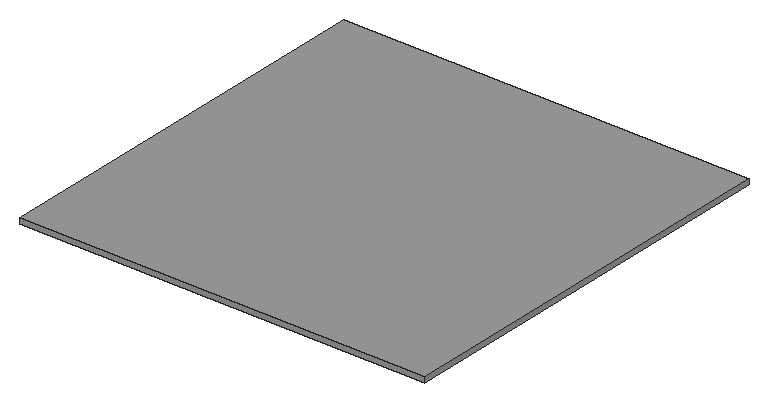
Revit family "WM-MN Unskimmend Family 50mm", category Generic Models, host Ceiling, Revit 2017
Family settings
  Host = Ceiling
  Can host rebar = No
  Round Connector Dimension = Use Diameter
  Part Type = Normal
  Always vertical = Yes
  Cut with Voids When Loaded = No
  Shared = No
  Room Calculation Point = No
Parameters (values of type "Lambdaboard")
  Width = 4000 mm
  URL = "www.rigifoam.com"
  Type Comments = "duncan@rigifoam.com"
  Thermal Resistance = 2.0800 (m²·K)/W
  Thermal Conductivity = 0.0240 W/(m·K)
  Model = "WM/MN Unskimmend 50mm"
  Material = Polyisocyanurate
  Manufacturer = "Lambdaboard"
  Length = 4000 mm
  Description = "Flexible PIR Insulation"
  Depth = 50 mm
  Density = 40.0000 kg/m³
Reference planes
  plane 1 "Center (Front/Back)": y = 0
  plane 2: z = 0
  plane 3 "Center (Left/Right)": x = 0
  plane 4 "Ceiling": z = 4000
Forms (mm)
  Extrusion 1, solid, material "Polyisocyanurate" <- "Material"
    sketch origin (0, 0, 4000) x (0, 1, 0) y (-1, 0, 0)
      loop
        line (2000, 2000) -> (-2000, 2000) -> (-2000, -2000) -> (2000, -2000) -> (2000, 2000)
    from -50 to 0
Dimensions and locks
  equal spacing: host sketch curve, plane 3 "Center (Left/Right)", host sketch curve
  equal spacing: host sketch curve, plane 1 "Center (Front/Back)", host sketch curve
  host sketch curve to host sketch curve = 4000 mm  (x2)
  plane 4 "Ceiling" to host ceiling = 0 mm
  equal spacing: Extrusion 1, plane 3 "Center (Left/Right)", Extrusion 1
  "Length": Extrusion 1 to Extrusion 1
  "Width": Extrusion 1 to Extrusion 1
  "Depth": Extrusion 1 to Extrusion 1
Automatic sketch dimensions
  plane 1 "Center (Front/Back)" to Extrusion 1 sketch curve = 2000 mm
  Extrusion 1 sketch curve to plane 1 "Center (Front/Back)" = 2000 mm
  plane 3 "Center (Left/Right)" to Extrusion 1 sketch curve = 2000 mm
  Extrusion 1 sketch curve to plane 3 "Center (Left/Right)" = 2000 mm
